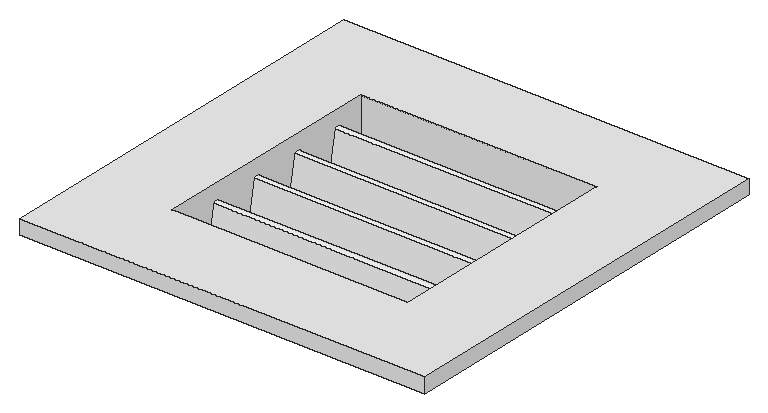
Revit family "Grille-Supply-Carnes-RAAM-Extruded_Aluminum", category Duct Accessories, host Face, Revit 2012
Parameters (values of type "See Type Catalog")
  Width = 6"
  Subcatagory = "Air Distribution"  # constant formula
  Specification Sheet = "http://www.carnes.com/AirDistribution/pdf/14004.pdf"
  Product Page URL = "http://www.carnes.com/AirDistribution/raam.phtml"
  Inner Width = Width - (2 * 1 1/4")  # 3 1/2"
  Inner Depth = Height - (2 * 1 1/4")  # 3 1/2"
  Height = 6"
  Flow = 0 CFM
  Description = "Square and Rectangular Registers and Grilles"  # constant formula
  URL = "http://www.carnes.com/"
  Model = "RAAM"  # constant formula
  Unit = Metal - Carnes - Extruded-Aluminum
  Manufacturer = "CARNES COMPANY"  # constant formula
  Default Elevation = 96"
  Return Connection = "Diffuser Return Connector"  # constant formula
  Catalog = "http://www.carnes.com/AirDistribution/pdf/a279-280,299-303.pdf"
  Blade Spacing = 3/4"
  Assembly Code = "D3040100"
  Return Connector = yes
  95 CSI = ""
  04 CSI = ""
Reference planes (in)
  plane 1 "Center (Front/Back)": y = 0
  plane 2: z = 0
  plane 3 "Center (Left/Right)": x = 0.94
  plane 4: z = 0
  plane 5: z = -0.6875
  plane 6: y = 6
  plane 7: y = 3
  plane 8: x = -2.06
  plane 9: x = 3.94
Dimensions and locks (in)
  equal spacing: host sketch curve, plane 3 "Center (Left/Right)", host sketch curve
  equal spacing: host sketch curve, plane 1 "Center (Front/Back)", host sketch curve
  "Height": plane 1 "Center (Front/Back)" to plane 6
  equal spacing: plane 8, plane 3 "Center (Left/Right)", plane 9
  "Width": plane 8 to plane 9
  equal spacing: plane 1 "Center (Front/Back)", plane 7, plane 6
  aligned and locked: plane 2 to host face
  aligned and locked: level to host face
  aligned and locked: plane 3 "Center (Left/Right)" to nested 1
  aligned and locked: plane 1 "Center (Front/Back)" to nested 1
Nested families (in)
  nested 1: "Extruded_Aluminum-Grille" at (0, 3, 0), type "Parametric"
Connectors (in)
  hvac at (0.94, 3, -0.6875), driven by "Flow", driven by "Width", driven by "Height", driven by "Return Connector", driven by "Return Connection"
    settings: on nested 1, index 1, duct flow 0 CFM, flow factor 0, pres drop 0.00 in-wg, loss coef 0, conn angle 0.00°, conn width 6", conn height 6", conn radius 12", duct sys type 2, conn prof type 1, flow config 0, flow direction 2, loss method 0, conn ref index -1, conn util yes, is conn primary yes, conn desc "Diffuser Return Connector"
Definition of nested family "Extruded_Aluminum-Grille"
  Parameters (values of type "Parametric")
    Subcategory = "Air Distribution"  # constant formula
    Inner Width = Width - (2 * 1 1/4")  # 3 1/2"
    Inner Depth = Depth - (2 * 1 1/4")  # 3 1/2"
    Height = 29/32"  # constant formula
    Description = "Square and Rectangular Registers and Grilles"  # constant formula
    Depth = 6"
    Width = 6"
    URL = "http://www.carnes.com/"
    Model = "RAAM"  # constant formula
    Unit = Metal - Carnes - Extruded-Aluminum
    Manufacturer = "Carnes"  # constant formula
    Default Elevation = 0"
    Blade Spacing = 3/4"  # constant formula
    Assembly Code = "D3040100"
    95 CSI = ""
    04 CSI = ""
    # Of Blades = Inner Depth / Blade Spacing  # 5
  Reference planes (in)
    plane 1 "Center (Front/Back)": y = 0
    plane 2: z = 0
    plane 3 "Center (Left/Right)": x = 0.94
    plane 4: z = 0.21875
    plane 5: x = -2.06
    plane 6: y = 3
    plane 7: x = 3.94
    plane 8: y = -3
    plane 9: x = -0.81
    plane 10: z = -0.6875
    plane 11: x = -0.06
    plane 12: z = 0
    plane 13: x = 2.69
    plane 14: y = 1.75
    plane 15: y = -1.75
    plane 16: x = 1.94
    plane 17: z = -0.6875
    plane 18: y = 1
    plane 19: y = -1
    plane 20: z = -1.6875
    plane 21: y = -0.25
    plane 22: z = 2.21875
  Forms (in)
    Extrusion 1, solid
      sketch origin (0, 0, 0) x (1, 0, 0) y (0, 1, 0)
        loop
          line (-27.41078, 30) -> (-27.41078, -30) -> (29.29078, -30) -> (29.29078, 30) -> (-27.41078, 30)
      from 0 to -1
    Sweep 2, solid, material "Metal - Carnes - Extruded-Aluminum" <- "Unit"
      path origin (0, 0, 0) x (1, 0, 0) y (0, 1, 0)
        loop
          line (-2.06, 3) -> (-2.06, -3) -> (3.94, -3) -> (3.94, 3) -> (-2.06, 3)
      profile origin (-2.06, 0, 0) x (1, 0, 0) y (0, 0, 1)
        loop
          line (0, 0.21875) -> (0, 0) -> (0.0625, 0) -> (0.0625, 0.15625) -> (1.1875, 0.15625) -> (1.1875, -0.6875) -> (1.25, -0.6875) -> (1.25, 0.21875) -> (0, 0.21875)
    Extrusion 3, void
      sketch origin (0, 0, 0) x (1, 0, 0) y (0, 1, 0)
        loop
          line (2.7525, 1.8125) -> (-0.8725, 1.8125) -> (-0.8725, -1.8125) -> (2.7525, -1.8125) -> (2.7525, 1.8125)
      from -1.6875 to 2.21875
  Lines and regions (in)
    model lines, style "Diffuser"
      curve 1: line (-0.81, -1.75, 0.21875) -> (-2.06, -3, 0.21875)
      curve 2: line (2.69, -1.75, 0.21875) -> (3.94, -3, 0.21875)
      curve 3: line (2.69, 1.75, 0.21875) -> (3.94, 3, 0.21875)
      curve 4: line (-0.81, 1.75, 0.21875) -> (-2.06, 3, 0.21875)
    symbolic lines, style "Diffuser"
      curve 5: line (3.94, 3, 0) -> (-2.06, 3, 0)
      curve 6: line (-2.06, 3, 0) -> (-2.06, -3, 0)
      curve 7: line (-2.06, -3, 0) -> (3.94, -3, 0)
      curve 8: line (3.94, -3, 0) -> (3.94, 3, 0)
      curve 9: line (2.69, 1.75, 0) -> (3.94, 3, 0)
      curve 10: line (2.69, 1.75, 0) -> (2.69, -1.75, 0)
      curve 11: line (-0.81, 1.75, 0) -> (2.69, 1.75, 0)
      curve 12: line (-0.81, -1.75, 0) -> (-0.81, 1.75, 0)
      curve 13: line (2.69, -1.75, 0) -> (-0.81, -1.75, 0)
      curve 14: line (-0.81, -1.75, 0) -> (-2.06, -3, 0)
      curve 15: line (2.69, -1.75, 0) -> (3.94, -3, 0)
      curve 16: line (-0.81, 1.75, 0) -> (-2.06, 3, 0)
  Dimensions and locks (in)
    equal spacing: Extrusion 1 sketch curve, plane 3 "Center (Left/Right)", Extrusion 1 sketch curve
    equal spacing: Extrusion 1 sketch curve, plane 1 "Center (Front/Back)", Extrusion 1 sketch curve
    locked: plane 4 to plane 2 at 0.21875
    equal spacing: plane 5, plane 3 "Center (Left/Right)", plane 7
    "Width": plane 5 to plane 7
    equal spacing: plane 6, plane 1 "Center (Front/Back)", plane 8
    "Depth": plane 6 to plane 8
    "Height": plane 4 to plane 10
    locked: Sweep 2 sketch curve to plane 5 at 0.0625
    locked: plane 4 to Sweep 2 sketch curve at 0.0625
    locked: plane 9 to Sweep 2 sketch curve at 0.0625
    plane 2 to plane 12 = 0"
    equal spacing: plane 9, plane 3 "Center (Left/Right)", plane 13
    "Inner Width": plane 9 to plane 13
    plane 5 to plane 9 = 1 1/4"
    locked: Sweep 2 sketch curve to Sweep 2 sketch curve at 1.25
    equal spacing: plane 15, plane 1 "Center (Front/Back)", plane 14
    "Inner Depth": plane 14 to plane 15
    locked: plane 16 to plane 13 at 0.75
    locked: plane 9 to plane 11 at 0.75
    locked: plane 12 to plane 17 at 0.6875
    "Blade Spacing": plane 14 to plane 18
    locked: plane 15 to plane 19 at 0.75
    locked: plane 10 to plane 20 at 1
    locked: plane 21 to plane 19 at 0.75
    equal spacing: group 1, group 2, group 3, group 4, group 5  (x3)
    locked: plane 22 to plane 4 at 2
    aligned and locked: plane 2 to Extrusion 1
    aligned and locked: level to Extrusion 1
    aligned and locked: Sweep 2 sketch curve to plane 5
    aligned and locked: plane 8 to Sweep 2 sketch curve
    aligned and locked: plane 7 to Sweep 2 sketch curve
    aligned and locked: Sweep 2 sketch curve to plane 6
    aligned and locked: Sweep 2 sketch curve to plane 4
    aligned and locked: Sweep 2 sketch curve to plane 9
    aligned and locked: Sweep 2 sketch curve to plane 10
    aligned and locked: Sweep 2 sketch curve to plane 2
    aligned and locked: curve 1 to Sweep 2
    aligned and locked: Sweep 2 to curve 1
    aligned and locked: Sweep 2 to curve 2
    aligned and locked: curve 2 to Sweep 2
    aligned and locked: curve 3 to Sweep 2
    aligned and locked: Sweep 2 to curve 3
    aligned and locked: Sweep 2 to curve 4
    aligned and locked: curve 4 to Sweep 2
    aligned and locked: curve 5 to Sweep 2
    aligned and locked: curve 6 to Sweep 2
    aligned and locked: curve 7 to Sweep 2
    aligned and locked: curve 8 to Sweep 2
    aligned and locked: curve 9 to curve 3
    aligned and locked: curve 10 to Sweep 2
    aligned and locked: curve 11 to Sweep 2
    aligned and locked: curve 12 to Sweep 2
    aligned and locked: curve 13 to Sweep 2
    aligned and locked: curve 14 to curve 1
    aligned and locked: curve 15 to curve 2
    aligned and locked: curve 16 to curve 4
    aligned and locked: plane 3 "Center (Left/Right)" to nested 1
    aligned and locked: plane 17 to nested 1
    aligned and locked: Extrusion 3 to plane 20
    aligned and locked: Extrusion 3 sketch curve to Sweep 2  (x4)
    aligned and locked: nested 1 to plane 19
    aligned and locked: plane 3 "Center (Left/Right)" to nested 2
    aligned and locked: nested 2 to plane 21
    aligned and locked: plane 12 to nested 2
    aligned and locked: plane 22 to Extrusion 3
  Automatic sketch dimensions
    curve 4 to Sweep 2 = 0"  (x2)
    curve 1 to Sweep 2 = 0"  (x2)
    curve 3 to Sweep 2 = 0"  (x2)
    curve 2 to Sweep 2 = 0"  (x2)
  Nested families (in)
    nested 1: "Blade" at (0.94, -1.11377, 0), type "Blade"
    nested 2: "Blade" at (0.94, -0.36377, 0), type "Blade"
    nested 3: "Blade" at (0.94, 0.38623, 0), type "Blade"
    nested 4: "Blade" at (0.94, 1.13623, 0), type "Blade"
    nested 5: "Blade" at (0.94, 1.88623, 0), type "Blade"
  Definition of nested family "Blade"
    Parameters (values of type "Blade")
      Inner Width = 3 1/2"
      Blade = Metal - Carnes - Extruded-Aluminum
    Reference planes (in)
      plane 1 "Center (Front/Back)": y = 0
      plane 2: z = 0
      plane 3 "Center (Left/Right)": x = 0
      plane 4: y = 0.22755
      plane 5: y = 0.11377
    Forms (in)
      Sweep 1, solid, material "Metal - Carnes - Extruded-Aluminum" <- "Blade"
        path origin (0.00341, -1, 0) x (1, 0, 0) y (0, 1, 0)
          loop
            line (-1.75341, 1) -> (1.74659, 1)
        profile origin (0, 0, 0) x (0, 1, 0) y (0, 0, 1)
          loop
            arc (0.22755, -0.0766) -> (0.20118, -0.00847) -> (0.12902, -0.01982) r 0.05818
            line (0.12902, -0.01982) -> (0, -0.6875) -> (0.22755, -0.0766)
    Lines and regions (in)
      symbolic lines, style "Diffuser"
        curve 1: line (-1.75, 0.22755, 0) -> (1.75, 0.22755, 0)
        curve 2: line (-1.75, 0, 0) -> (-1.75, 0.22755, 0)
        curve 3: line (1.75, 0, 0) -> (-1.75, 0, 0)
        curve 4: line (1.75, 0.22755, 0) -> (1.75, 0, 0)
    Dimensions and locks (in)
      equal spacing: Sweep 1 sketch curve, plane 3 "Center (Left/Right)", Sweep 1 sketch curve
      "Inner Width": Sweep 1 sketch curve to Sweep 1 sketch curve
      equal spacing: curve 2, plane 3 "Center (Left/Right)", curve 4
      "Inner Width": curve 2 to curve 4
      locked: plane 4 to plane 1 "Center (Front/Back)" at 0.22755
      equal spacing: plane 4, plane 5, plane 1 "Center (Front/Back)"
      aligned and locked: plane 2 to level
      aligned and locked: curve 3 to Sweep 1
      aligned and locked: curve 1 to Sweep 1
    Automatic sketch dimensions
      plane 1 "Center (Front/Back)" to Sweep 1 sketch curve = 0"
      Sweep 1 sketch curve to profile plane = 0"
      Sweep 1 sketch curve to profile plane = 0.01982"
      Sweep 1 sketch curve to profile plane = 0.12902"
      Sweep 1 sketch curve to Sweep 1 sketch curve = 0.04312"
      Sweep 1 sketch curve to Sweep 1 sketch curve = 0.05542"
      Sweep 1 sketch curve to Sweep 1 sketch curve = 5/128"
      Sweep 1 sketch curve to Sweep 1 sketch curve = 0.62862"
Types in the file's own list only (20): name | Width | Inner Width | Inner Depth | Height
  RAAM 10 x 6 | 10" | 7 1/2" | 3 1/2" | 6"
  RAAM 12 x 6 | 12" | 9 1/2" | 3 1/2" | 6"
  RAAM 10 x 8 | 10" | 7 1/2" | 5 1/2" | 8"
  RAAM 12 x 8 | 12" | 9 1/2" | 5 1/2" | 8"
  RAAM 18 x 6 | 18" | 15 1/2" | 3 1/2" | 6"
  RAAM 12 x 12 | 12" | 9 1/2" | 9 1/2" | 12"
  RAAM 18 x 12 | 18" | 15 1/2" | 9 1/2" | 12"
  RAAM 24 x 12 | 24" | 21 1/2" | 9 1/2" | 12"
  RAAM 18 x 18 | 18" | 15 1/2" | 15 1/2" | 18"
  RAAM 30 x 12 | 30" | 27 1/2" | 9 1/2" | 12"
  RAAM 24 x 18 | 24" | 21 1/2" | 15 1/2" | 18"
  RAAM 30 x 18 | 30" | 27 1/2" | 15 1/2" | 18"
  RAAM 24 x 24 | 24" | 21 1/2" | 21 1/2" | 24"
  RAAM 36 x 18 | 36" | 33 1/2" | 15 1/2" | 18"
  RAAM 30 x 24 | 30" | 27 1/2" | 21 1/2" | 24"
  RAAM 36 x 24 | 36" | 33 1/2" | 21 1/2" | 24"
  RAAM 36 x 30 | 36" | 33 1/2" | 27 1/2" | 30"
  RAAM 48 x 24 | 48" | 45 1/2" | 21 1/2" | 24"
  RAAM 48 x 30 | 48" | 45 1/2" | 27 1/2" | 30"
  RAAM 48 x 36 | 48" | 45 1/2" | 33 1/2" | 36"
